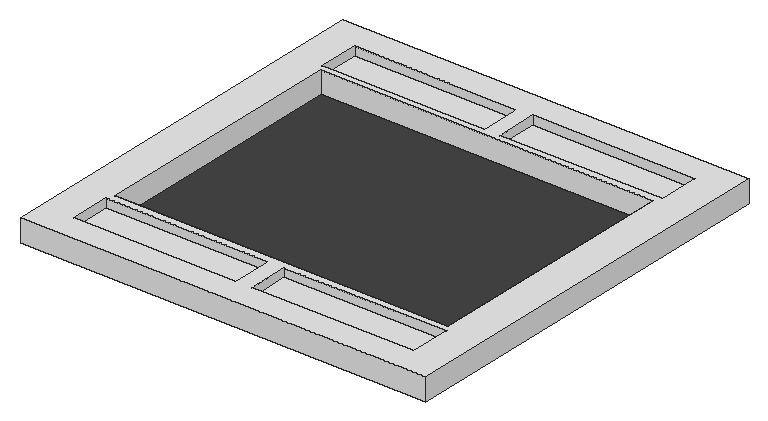
Revit family "Data_Device-Work_Area-Leviton-MOS-Wallplate", category Data Devices, host Face, Revit 2025
Family settings
  Host = Face
  Round Connector Dimension = Use Diameter
  Part Type = Normal
  OmniClass Number = 23.85.50.21
  OmniClass Title = Cable Transmission and Reception Equipment
  Cut with Voids When Loaded = No
  Maintain Annotation Orientation = Yes
  Shared = Yes
  Room Calculation Point = No
Parameters (values of type "Dual Gang")
  z Width = if(z Leviton Type = 1, 1.86000", 3.75000")  # 3.75000"
  z White [instance] = Leviton Color = z Set Color White  # yes
  z Void Offset Single Gang [instance] = if(and(z Is Single Gang, Has ID Windows), 2.25000", 9.00000")  # 9.00000"
  z Void Offset Dual Gang 2 [instance] = if(z Leviton Type = 11, 0.15000", 0.25000")  # 0.25000"
  z Void Offset Dual Gang 1 [instance] = if(and(z Is Dual Gang, Has ID Windows), 2.25000", 6.00000")  # 2.25000"
  z Set Color White [instance] = Color Selection : White
  z Set Color Light Almond [instance] = Color Selection : Light Almond
  z Set Color Ivory [instance] = Color Selection : Ivory
  z Set Color Grey [instance] = Color Selection : Grey
  z Set Color Black [instance] = Color Selection : Black
  z Light Almond [instance] = Leviton Color = z Set Color Light Almond  # no
  z Leviton Wallplate Color [instance] = if(and(z White, not(z Light Almond), not(z Ivory), not(z Grey), not(z Black)), 1, if(and(not(z White), z Light Almond, not(z Ivory), not(z Grey), not(z Black)), 2, if(and(not(z White), not(z Light Almond), z Ivory, not(z Grey), not(z Black)), 3, if(and(not(z White), not(z Light Almond), not(z Ivory), z Grey, not(z Black)), 4, if(and(not(z White), not(z Light Almond), not(z Ivory), not(z Grey), z Black), 5, 0)))))  # 1
  z Leviton Type = 2
  z Ivory [instance] = Leviton Color = z Set Color Ivory  # no
  z Is Single Gang = not(z Is Dual Gang)  # no
  z Is Dual Gang = yes
  z Height = 2.90000"  # constant formula
  z Grey [instance] = Leviton Color = z Set Color Grey  # no
  z Distance = if(z Collapse, 0.00000", 6.00000")  # 0.00000"
  z Depth = 0.25000"  # constant formula
  z Collapse = yes
  z Black [instance] = Leviton Color = z Set Color Black  # no
  Width [instance] = if(z Leviton Type = 1, 2.75000", 4.56300")  # 4.56300"
  URL = "http://www.leviton.com/networksolutions"
  Type Comments = ""
  Technical Support Phone Number = "1-800-824-3005"  # constant formula
  Serial Number [instance] = ""
  Quantity per Package = 0
  Provide Feedback = "http://www.leviton.com/BIMfeedback"
  Product Documentation Link = "http://www.leviton.com/OA_HTML/SectionDisplay.jsp?section=39376&minisite=10251"
  Port Count [instance] = 0
  Part Number [instance] = if(and(z Leviton Wallplate Color = 1, z Leviton Type = 1), "41290-SMW", if(and(z Leviton Wallplate Color = 2, z Leviton Type = 1), "41290-SMT", if(and(z Leviton Wallplate Color = 3, z Leviton Type = 1), "41290-SMI", if(and(z Leviton Wallplate Color = 4, z Leviton Type = 1), "41290-SMG", if(and(z Leviton Wallplate Color = 5, z Leviton Type = 1), "41290-SME", if(and(z Leviton Wallplate Color = 1, z Leviton Type = 2), "41290-DMW", if(and(z Leviton Wallplate Color = 2, z Leviton Type = 2), "41290-DMT", if(and(z Leviton Wallplate Color = 3, z Leviton Type = 2), "41290-DMI", if(and(z Leviton Wallplate Color = 4, z Leviton Type = 2), "41290-DMG", if(and(z Leviton Wallplate Color = 5, z Leviton Type = 2), "41290-DME", "ERROR"))))))))))  # "41290-DMW"
  Part Description = Description  # "MOS Wallplate, Dual Gang"
  Original Creation Date = "March 15, 2013"  # constant formula
  Model Disclaimer = "http://www.leviton.com/BIMterms"
  Model = " "
  Minimum Order Quantity = 0
  Manufacturer = "Leviton"  # constant formula
  Leviton Color [instance] = Color Selection : White
  Height [instance] = 4.53000"  # constant formula
  Has ID Windows [instance] = or(z Leviton Type = 1, z Leviton Type = 2)  # yes
  Family Version = "1.0.3"  # constant formula
  Equipment Type = ""
  Equipment Abbreviation = "MOS"  # constant formula
  Description = "MOS Wallplate, Dual Gang"
  Default Elevation = 18.00000"
  Date Last Modified = "March 3, 2014"  # constant formula
  Copyright = "Copyright © 2013 Leviton Manufacturing Co., Inc."  # constant formula
  Check for Latest Version = "http://www.leviton.com/OA_HTML/SectionDisplay.jsp?section=42915&minisite=10251"
  Channel Count [instance] = 0
  Assembly Code = "D5030600"
  Annotation Symbol is Visible = yes
  Annotation Symbol [instance] = Symbol : Data
Types (2): name | z Width | z Void Offset Single Gang | z Void Offset Dual Gang 1 | z Leviton Type | z Is Single Gang | z Is Dual Gang | Width | Part Number | Part Description | Description
  Single Gang | 1.86000" | 2.25000" | 6.00000" | 1 | yes | no | 2.75000" | "41290-SMW" | "MOS Wallplate, Single Gang" | "MOS Wallplate, Single Gang"
  Dual Gang | 3.75000" | 9.00000" | 2.25000" | 2 | no | yes | 4.56300" | "41290-DMW" | "MOS Wallplate, Dual Gang" | "MOS Wallplate, Dual Gang"
Reference planes (in)
  plane 1 "Center (Front/Back)": y = 0.3225
  plane 2 "Mounting Surface": z = 0
  plane 3 "Center (Left/Right)": x = -0.9065
  plane 4 "Front": z = 0.25
  plane 5: y = -1.9425
  plane 6 "Left": x = -3.188
  plane 7 "Right": x = 1.375
  plane 8: y = 2.5875
  plane 9: y = -1.9425
  plane 10: y = -1.9425
  plane 11: y = -1.9425
  plane 12: y = -1.9425
  plane 13: y = 2.5875
  plane 14: y = 2.5875
  plane 15: y = 2.5875
  plane 16 "Top": y = 2.5875
  plane 17 "Bottom": y = -1.9425
  plane 18: x = -2.7815
  plane 19: x = 0.9685
  plane 20 "Single Gang": z = 7
  plane 21 "2": z = 0
  plane 22: y = 1.7725
  plane 23 "Recess": z = 0.1
  plane 24 "Void Collector": z = -2
  plane 25 "Angled Feature Left Side": x = -1.564
  plane 26: x = -0.249
  plane 27: y = -1.1275
  plane 28: x = -2.821
  plane 29: x = 1.008
  plane 30: x = -0.991
  plane 31: x = -0.822
  plane 32 "Dual Gang": z = 0.25
Forms (in)
  Extrusion 1, solid, not visible, detail levels fine
    sketch origin (0, 0, 0) x (1, 0, 0) y (0, 1, 0)
      loop
        line (-5.103, 3.3225) -> (-5.103, -2.6775) -> (3.29, -2.6775) -> (3.29, 3.3225) -> (-5.103, 3.3225)
    from 0 to -2
  Extrusion 2, solid, material "Plastic - Leviton - White", visible <- "z White"
    sketch origin (0, 33, 0) x (1, 0, 0) y (0, 1, 0)
      loop
        line (-3.188, -30.4125) -> (-3.188, -34.9425) -> (1.375, -34.9425) -> (1.375, -30.4125) -> (-3.188, -30.4125)
    from 0 to 0.25
  Extrusion 3, solid, material "Plastic - Leviton - Light Almond", visible <- "z Light Almond"
    sketch origin (0, 25.5, 0) x (1, 0, 0) y (0, 1, 0)
      loop
        line (-3.188, -22.9125) -> (-3.188, -27.4425) -> (1.375, -27.4425) -> (1.375, -22.9125) -> (-3.188, -22.9125)
    from 0 to 0.25
  Extrusion 4, solid, material "Plastic - Leviton - Ivory", visible <- "z Ivory"
    sketch origin (0, 18.75, 0) x (1, 0, 0) y (0, 1, 0)
      loop
        line (-3.188, -16.1625) -> (-3.188, -20.6925) -> (1.375, -20.6925) -> (1.375, -16.1625) -> (-3.188, -16.1625)
    from 0 to 0.25
  Extrusion 5, solid, material "Plastic - Leviton - Grey", visible <- "z Grey"
    sketch origin (0, 11.75, 0) x (1, 0, 0) y (0, 1, 0)
      loop
        line (-3.188, -9.1625) -> (-3.188, -13.6925) -> (1.375, -13.6925) -> (1.375, -9.1625) -> (-3.188, -9.1625)
    from 0 to 0.25
  Extrusion 6, solid, material "Plastic - Leviton - Black", visible <- "z Black"
    sketch origin (0, 3, 0) x (1, 0, 0) y (0, 1, 0)
      loop
        line (-3.188, -0.4125) -> (-3.188, -4.9425) -> (1.375, -4.9425) -> (1.375, -0.4125) -> (-3.188, -0.4125)
    from 0 to 0.25
  Extrusion 7, void
    sketch origin (0, 0, 0) x (-1, 0, 0) y (0, -1, 0)
      loop
        line (2.7815, -1.7725) -> (2.7815, 1.1275) -> (-0.9685, 1.1275) -> (-0.9685, -1.7725) -> (2.7815, -1.7725)
    from 0 to 0.25
  Extrusion 8, void
    sketch origin (1.10031, -0.12477, 0.25) x (-1, 0, 0) y (0, -1, 0)
      loop
        line (2.92181, -2.42227) -> (2.92181, -1.96227) -> (1.09181, -1.96227) -> (1.09181, -2.42227) -> (2.92181, -2.42227)
      loop
        line (2.92181, 1.52773) -> (1.09181, 1.52773) -> (1.09181, 1.06773) -> (2.92181, 1.06773) -> (2.92181, 1.52773)
    from 6.65 to 6.75
  Extrusion 9, solid, material "Mask - Leviton - Black"
    sketch origin (0, 0, 0) x (1, 0, 0) y (0, 1, 0)
      loop
        line (-3.178, 2.5875) -> (-3.178, -1.9325) -> (1.365, -1.9325) -> (1.365, 2.5875) -> (-3.178, 2.5875)
    from 0 to 0.01
  Extrusion 10, void
    sketch origin (2.10031, -0.12477, 0.25) x (-1, 0, 0) y (0, -1, 0)
      loop
        line (2.92231, -2.42227) -> (2.92231, -1.96227) -> (1.09231, -1.96227) -> (1.09231, -2.42227) -> (2.92231, -2.42227)
      loop
        line (4.92131, -2.42227) -> (4.92131, -1.96227) -> (3.09131, -1.96227) -> (3.09131, -2.42227) -> (4.92131, -2.42227)
      loop
        line (2.92231, 1.06773) -> (2.92231, 1.52773) -> (1.09231, 1.52773) -> (1.09231, 1.06773) -> (2.92231, 1.06773)
      loop
        line (4.92131, 1.06773) -> (4.92131, 1.52773) -> (3.09131, 1.52773) -> (3.09131, 1.06773) -> (4.92131, 1.06773)
    from -0.1 to 0
  Extrusion 11, solid, material "Snap Locations - Leviton - Invisible"
    sketch origin (0, 0, 0) x (1, 0, 0) y (0, 1, 0)
      loop
        line (-2.7815, 1.7725) -> (-2.7815, -1.1275) -> (0.9685, -1.1275) -> (0.9685, 1.7725) -> (-2.7815, 1.7725)
    from 0 to 0.25
Cuts and joins
  Extrusion 7, Extrusion 8, Extrusion 10 cuts Extrusion 6
  Extrusion 7, Extrusion 8, Extrusion 10 cuts Extrusion 5
  Extrusion 7, Extrusion 8, Extrusion 10 cuts Extrusion 4
  Extrusion 7, Extrusion 8, Extrusion 10 cuts Extrusion 3
  Extrusion 7, Extrusion 8, Extrusion 10 cuts Extrusion 2
Lines and regions (in)
  Masking region 1, detail levels coarse+medium
    outline origin (1.375, 0, 0) x (0, -1, 0) y (0, 0, 1)
      loop
        line (-2.5875, 0.25) -> (-2.5875, 0) -> (1.9425, 0) -> (1.9425, 0.25) -> (-2.5875, 0.25)
  Masking region 2, detail levels coarse+medium
    outline origin (-3.188, 0, 0) x (0, -1, 0) y (0, 0, 1)
      loop
        line (1.9425, 0) -> (1.9425, 0.25) -> (-2.5875, 0.25) -> (-2.5875, 0) -> (1.9425, 0)
  Masking region 3
    outline origin (0, 2.5875, 0) x (-1, 0, 0) y (0, 0, 1)
      loop
        line (3.188, 0) -> (3.188, 0.25) -> (-1.375, 0.25) -> (-1.375, 0) -> (3.188, 0)
  Masking region 4
    outline origin (1.375, 0, 0) x (0, -1, 0) y (0, 0, 1)
      loop
        line (1.9425, 0.25) -> (-2.5875, 0.25) -> (-2.5875, 0) -> (1.9425, 0) -> (1.9425, 0.25)
  Masking region 5
    outline origin (0, -1.9425, 0) x (-1, 0, 0) y (0, 0, 1)
      loop
        line (-1.375, 0.25) -> (-1.375, 0) -> (3.188, 0) -> (3.188, 0.25) -> (-1.375, 0.25)
  symbolic lines, style "Wallplates"
    curve 1: line (1.375, -1.9425, 0.25) -> (1.375, 2.5875, 0.25)
    curve 2: line (1.375, -1.9425, 0) -> (1.375, -1.9425, 0.25)
    curve 3: line (1.375, 2.5875, 0) -> (1.375, -1.9425, 0)
    curve 4: line (1.375, 2.5875, 0.25) -> (1.375, 2.5875, 0)
    curve 5: line (-3.188, 2.5875, 0.25) -> (-3.188, -1.9425, 0.25)
    curve 6: line (-3.188, 2.5875, 0) -> (-3.188, 2.5875, 0.25)
    curve 7: line (-3.188, -1.9425, 0) -> (-3.188, 2.5875, 0)
    curve 8: line (-3.188, -1.9425, 0.25) -> (-3.188, -1.9425, 0)
    curve 9: line (-3.188, 2.5875, 0.25) -> (1.375, 2.5875, 0.25)
    curve 10: line (-3.188, 2.5875, 0) -> (-3.188, 2.5875, 0.25)
    curve 11: line (1.375, 2.5875, 0) -> (-3.188, 2.5875, 0)
    curve 12: line (1.375, 2.5875, 0.25) -> (1.375, 2.5875, 0)
    curve 13: line (1.375, -1.9425, 0.25) -> (-3.188, -1.9425, 0.25)
    curve 14: line (1.375, -1.9425, 0) -> (1.375, -1.9425, 0.25)
    curve 15: line (-3.188, -1.9425, 0) -> (1.375, -1.9425, 0)
    curve 16: line (-3.188, -1.9425, 0.25) -> (-3.188, -1.9425, 0)
  reference lines
    curve 17: line (-2.7815, -0.64417, 0.25) -> (0.9685, -0.64417, 0.25)
    curve 19: line (-2.7815, 0.56417, 0.25) -> (0.9685, 0.56417, 0.25)
    curve 21: line (-2.7815, 1.28917, 0.25) -> (0.9685, 1.28917, 0.25)
    curve 22: line (-2.7815, 0.08083, 0.25) -> (0.9685, 0.08083, 0.25)
    curve 23: line (-2.7815, 0.3225, 0.25) -> (0.9685, 0.3225, 0.25)
    curve 24: line (-2.7815, -0.4025, 0.25) -> (0.9685, -0.4025, 0.25)
    curve 25: line (-2.7815, 1.0475, 0.25) -> (0.9685, 1.0475, 0.25)
    curve 26: line (-2.7815, 1.53083, 0.25) -> (0.9685, 1.53083, 0.25)
    curve 27: line (-2.7815, -0.88583, 0.25) -> (0.9685, -0.88583, 0.25)
  reference lines, not visible
    curve 18: line (-2.7815, -0.16083, 0.25) -> (0.9685, -0.16083, 0.25)
    curve 20: line (-2.7815, 0.80583, 0.25) -> (0.9685, 0.80583, 0.25)
  reference lines, visible <- "z Is Dual Gang"
    curve 28: line (-1.844, 1.7725, 0.25) -> (-1.844, -1.1275, 0.25)
    curve 29: line (0.031, -1.1275, 0.25) -> (0.031, 1.7725, 0.25)
  reference lines, visible <- "z Is Single Gang"
    curve 30: line (-0.9065, 1.7725, 0.25) -> (-0.9065, -1.1275, 0.25)
Dimensions and locks (in)
  "z Depth": plane 4 "Front" to plane 2 "Mounting Surface"
  equal spacing: plane 8, plane 1 "Center (Front/Back)", plane 5  (x2)
  "Height": plane 8 to plane 5
  "z Distance": plane 5 to plane 9
  "z Distance": plane 9 to plane 10
  "z Distance": plane 10 to plane 11
  "z Distance": plane 11 to plane 12
  "Height": plane 13 to plane 9
  "Height": plane 14 to plane 10
  "Height": plane 15 to plane 11
  "Height": plane 16 "Top" to plane 12
  "z Distance": plane 17 "Bottom" to plane 5
  "Width": plane 6 "Left" to plane 7 "Right"
  equal spacing: plane 6 "Left", plane 3 "Center (Left/Right)", plane 7 "Right"
  equal spacing: plane 18, plane 3 "Center (Left/Right)", plane 19
  "z Width": plane 18 to plane 19
  locked: plane 4 "Front" to plane 23 "Recess" at 0.15
  locked: level to plane 24 "Void Collector" at 2
  locked: plane 21 "2" to plane 24 "Void Collector" at 2
  "z Void Offset Single Gang": plane 20 "Single Gang" to plane 24 "Void Collector"
  Extrusion 8 sketch curve to Extrusion 8 sketch curve = 0.46000"
  Extrusion 8 sketch curve to Extrusion 8 sketch curve = 1.83000"
  equal spacing: Extrusion 8 sketch curve, plane 3 "Center (Left/Right)", Extrusion 8 sketch curve
  Extrusion 8 sketch curve to plane 1 "Center (Front/Back)" to Extrusion 8 sketch curve = 1.51500", 1.51500"
  Extrusion 8 sketch curve to plane 1 "Center (Front/Back)" to Extrusion 8 sketch curve = 1.97500", 1.97500"
  plane 1 "Center (Front/Back)" to Extrusion 8 sketch curve = 1.97500"
  locked: plane 20 "Single Gang" to Extrusion 8 at 0.1
  Extrusion 9 to level = 0.01000"
  locked: plane 17 "Bottom" to Extrusion 9 at 0.01
  locked: plane 6 "Left" to Extrusion 9 at 0.01
  locked: Extrusion 9 to plane 7 "Right" at 0.01
  locked: Extrusion 9 to level at 0.01
  equal spacing: plane 25 "Angled Feature Left Side", plane 3 "Center (Left/Right)", plane 26
  equal spacing: plane 27, plane 1 "Center (Front/Back)", plane 22
  "z Height": plane 27 to plane 22
  Extrusion 10 sketch curve to Extrusion 10 sketch curve = 0.46000"
  Extrusion 10 sketch curve to Extrusion 10 sketch curve = 1.83000"  (x4)
  equal spacing: plane 30, plane 3 "Center (Left/Right)", plane 31
  equal spacing: plane 28, plane 3 "Center (Left/Right)", plane 29
  plane 30 to plane 31 = 0.16900"
  plane 28 to plane 30 = 1.83000"
  "z Void Offset Dual Gang 1": plane 32 "Dual Gang" to plane 24 "Void Collector"
  locked: plane 32 "Dual Gang" to Extrusion 10 at 0.1
  equal spacing: plane 22, curve 26, curve 21, curve 25, curve 20, curve 19, curve 23, curve 22, curve 18, curve 24, curve 17, curve 27, plane 27
  equal spacing: plane 18, curve 28, plane 3 "Center (Left/Right)"
  equal spacing: plane 3 "Center (Left/Right)", curve 29, plane 19
  aligned and locked: Extrusion 1 to plane 2 "Mounting Surface"
  aligned and locked: Extrusion 1 to level
  aligned and locked: Extrusion 2 to plane 5
  aligned and locked: Extrusion 2 to plane 6 "Left"
  aligned and locked: Extrusion 2 to plane 7 "Right"
  aligned and locked: plane 8 to Extrusion 2
  aligned and locked: Extrusion 2 to level
  aligned and locked: plane 4 "Front" to Extrusion 2
  aligned and locked: Extrusion 3 to plane 9
  aligned and locked: Extrusion 4 to plane 10
  aligned and locked: plane 15 to Extrusion 5
  aligned and locked: Extrusion 5 to plane 11
  aligned and locked: plane 14 to Extrusion 4
  aligned and locked: plane 13 to Extrusion 3
  aligned and locked: Extrusion 6 to plane 12
  aligned and locked: plane 16 "Top" to Extrusion 6
  aligned and locked: Extrusion 3 to plane 6 "Left"
  aligned and locked: Extrusion 4 to plane 6 "Left"
  aligned and locked: Extrusion 5 to plane 6 "Left"
  aligned and locked: Extrusion 6 to plane 6 "Left"
  aligned and locked: Extrusion 3 to plane 7 "Right"
  aligned and locked: Extrusion 4 to plane 7 "Right"
  aligned and locked: Extrusion 5 to plane 7 "Right"
  aligned and locked: Extrusion 6 to plane 7 "Right"
  aligned and locked: plane 18 to Extrusion 7 sketch curve
  aligned and locked: Extrusion 7 sketch curve to plane 19
  aligned and locked: plane 5 to Masking region 1 sketch curve
  aligned and locked: Masking region 1 sketch curve to plane 8
  aligned and locked: Masking region 1 sketch curve to plane 4 "Front"
  aligned and locked: level to Masking region 1 sketch curve
  aligned and locked: Extrusion 8 to Extrusion 8  (x2)
  aligned: Extrusion 8 to plane 20 "Single Gang"
  aligned and locked: plane 20 "Single Gang" to Extrusion 8
  aligned: plane 23 "Recess" to Extrusion 9
  aligned and locked: Extrusion 9 to level
  aligned: Extrusion 9 to plane 17 "Bottom"
  aligned: plane 6 "Left" to Extrusion 9
  aligned: Extrusion 9 to plane 7 "Right"
  aligned and locked: Masking region 2 sketch curve to Masking region 1  (x4)
  aligned and locked: Extrusion 9 to plane 16 "Top"
  aligned and locked: Extrusion 7 to plane 22
  aligned and locked: Extrusion 7 to plane 27
  aligned and locked: plane 4 "Front" to Extrusion 7
  aligned and locked: Extrusion 7 to level
  aligned: Extrusion 10 to Extrusion 10  (x2)
  aligned and locked: Extrusion 10 sketch curve to plane 30
  aligned and locked: plane 31 to Extrusion 10 sketch curve
  aligned and locked: Extrusion 8 to plane 20 "Single Gang"
  aligned and locked: plane 32 "Dual Gang" to Extrusion 10
  aligned and locked: plane 22 to Extrusion 11 sketch curve
  aligned and locked: plane 27 to Extrusion 11 sketch curve
  aligned and locked: Extrusion 11 sketch curve to plane 19
  aligned and locked: plane 18 to Extrusion 11 sketch curve
  aligned and locked: Extrusion 11 to level
  aligned and locked: plane 4 "Front" to Extrusion 11
  aligned and locked: plane 17 "Bottom" to curve 2
  aligned and locked: curve 4 to plane 16 "Top"
  aligned and locked: level to curve 3
  aligned and locked: level to Masking region 4 sketch curve
  aligned and locked: plane 17 "Bottom" to Masking region 4 sketch curve
  aligned and locked: Masking region 4 sketch curve to plane 16 "Top"
  aligned and locked: level to curve 7
  aligned and locked: curve 6 to plane 16 "Top"
  aligned and locked: plane 17 "Bottom" to curve 8
  aligned and locked: level to curve 11
  aligned and locked: plane 7 "Right" to curve 12
  aligned and locked: curve 10 to plane 6 "Left"
  aligned and locked: Masking region 5 sketch curve to level
  aligned and locked: plane 7 "Right" to Masking region 5 sketch curve
  aligned and locked: Masking region 5 sketch curve to plane 6 "Left"
  aligned and locked: curve 15 to level
  aligned and locked: plane 7 "Right" to curve 14
  aligned and locked: curve 16 to plane 6 "Left"
  aligned and locked: curve 1 to plane 4 "Front"
  aligned and locked: plane 4 "Front" to curve 5
  aligned and locked: plane 4 "Front" to curve 13
  aligned and locked: curve 9 to plane 4 "Front"
  aligned and locked: plane 4 "Front" to Masking region 5 sketch curve
  aligned and locked: Masking region 4 sketch curve to plane 4 "Front"
  aligned and locked: plane 18 to curve 17
  aligned and locked: plane 19 to curve 17
  aligned and locked: curve 23 to cut or joined group of Extrusion 6, Extrusion 7, Extrusion 8, Extrusion 10  (x2)
  aligned and locked: plane 18 to curve 24
  aligned and locked: plane 19 to curve 24
  aligned and locked: plane 18 to curve 25
  aligned and locked: plane 19 to curve 25
  aligned and locked: plane 18 to curve 26
  aligned and locked: plane 19 to curve 26
  aligned and locked: plane 18 to curve 27
  aligned and locked: plane 19 to curve 27
  aligned and locked: plane 18 to curve 21
  aligned and locked: plane 18 to curve 20
  aligned and locked: plane 18 to curve 19
  aligned and locked: plane 18 to curve 22
  aligned and locked: plane 18 to curve 18
  aligned and locked: plane 19 to curve 21
  aligned and locked: plane 19 to curve 20
  aligned and locked: plane 19 to curve 19
  aligned and locked: plane 19 to curve 22
  aligned and locked: plane 19 to curve 18
  aligned and locked: plane 22 to curve 28
  aligned and locked: plane 27 to curve 28
  aligned and locked: plane 27 to curve 29
  aligned and locked: plane 22 to curve 29
  aligned and locked: curve 30 to cut or joined group of Extrusion 6, Extrusion 7, Extrusion 8, Extrusion 10  (x2)
Automatic sketch dimensions
  Extrusion 1 sketch curve to Extrusion 1 sketch curve = 8.39300"
  Extrusion 1 sketch curve to Extrusion 1 sketch curve = 6.00000"
  Extrusion 2 sketch curve to plane 5 = 0.00000"
  Extrusion 2 sketch curve to plane 6 "Left" = 0.00000"
  Extrusion 2 sketch curve to plane 7 "Right" = 0.00000"
  Extrusion 2 sketch curve to plane 8 = 0.00000"
  Extrusion 3 sketch curve to plane 5 = 0.00000"
  Extrusion 3 sketch curve to plane 6 "Left" = 0.00000"
  Extrusion 3 sketch curve to plane 7 "Right" = 0.00000"
  Extrusion 3 sketch curve to plane 8 = 0.00000"
  Extrusion 4 sketch curve to plane 5 = 0.00000"
  Extrusion 4 sketch curve to plane 6 "Left" = 0.00000"
  Extrusion 4 sketch curve to plane 7 "Right" = 0.00000"
  Extrusion 4 sketch curve to plane 8 = 0.00000"
  Extrusion 5 sketch curve to plane 5 = 0.00000"
  Extrusion 5 sketch curve to plane 6 "Left" = 0.00000"
  Extrusion 5 sketch curve to plane 7 "Right" = 0.00000"
  Extrusion 5 sketch curve to plane 8 = 0.00000"
  Extrusion 6 sketch curve to plane 5 = 0.00000"
  Extrusion 6 sketch curve to plane 6 "Left" = 0.00000"
  Extrusion 6 sketch curve to plane 7 "Right" = 0.00000"
  Extrusion 6 sketch curve to plane 8 = 0.00000"
  plane 22 to Extrusion 7 sketch curve = 0.00000"
  Extrusion 7 sketch curve to plane 27 = 0.00000"
  plane 26 to Extrusion 8 sketch curve = 0.25750"
  Extrusion 8 sketch curve to plane 25 "Angled Feature Left Side" = 0.25750"
  Extrusion 9 sketch curve to plane 8 = 0.00000"
  Extrusion 9 sketch curve to plane 6 "Left" = 0.01000"
  plane 7 "Right" to Extrusion 9 sketch curve = 0.01000"
  plane 5 to Extrusion 9 sketch curve = 0.01000"
  Masking region 3 sketch curve to level = 0.00000"
  plane 7 "Right" to Masking region 3 sketch curve = 0.00000"
  Masking region 3 sketch curve to plane 4 "Front" = 0.00000"
  plane 6 "Left" to Masking region 3 sketch curve = 0.00000"
  Extrusion 10 sketch curve to plane 29 = 0.00000"
  Extrusion 10 sketch curve to plane 31 = 0.00000"
  Extrusion 10 sketch curve to plane 30 = 0.00000"
  Extrusion 10 sketch curve to plane 28 = 0.00000"
  Extrusion 10 sketch curve to plane 8 = 0.29000"
  Extrusion 10 sketch curve to Extrusion 10 sketch curve = 0.00000"
  Extrusion 10 sketch curve to plane 22 = 0.06500"  (x2)
  Extrusion 10 sketch curve to plane 27 = 0.06500"  (x2)
  plane 5 to Extrusion 10 sketch curve = 0.29000"  (x2)
  curve 23 to plane 19 = 0.00000"
  curve 30 to plane 3 "Center (Left/Right)" = 0.00000"
  curve 23 to plane 18 = 0.00000"
  plane 22 to curve 30 = 0.00000"
  curve 30 to plane 27 = 0.00000"
Nested families (in)
  nested 1: "Symbol" at (-0.9065, 0.35649, 0), type <- "Annotation Symbol", visible <- "Annotation Symbol is Visible", type "Data"
Definition of nested family "Symbol"
  Parameters
    Tel Data = no
    Phone = no
    Data = yes
  Reference planes (in)
    plane 1: y = 0
    plane 2: x = 0
  Lines and regions (in)
    Filled region 1, type "Solid Black", visible <- "Tel Data"
      outline origin (0, 0, 0) x (1, 0, 0) y (0, 1, 0)
        loop
          line (0, 0) -> (0.0654, 0.11328) -> (0, 0.11328) -> (0, 0)
    Filled region 2, type "Solid Black", visible <- "Phone"
      outline origin (0, 0, 0) x (1, 0, 0) y (0, 1, 0)
        loop
          line (0, 0) -> (0.0654, 0.11328) -> (-0.0654, 0.11328) -> (0, 0)
    Filled region 3, type "White", visible <- "Data"
      outline origin (0, 0, 0) x (1, 0, 0) y (0, 1, 0)
        loop
          line (0, 0) -> (0.0654, 0.11328) -> (-0.0654, 0.11328) -> (0, 0)
    Filled region 4, type "White", visible <- "Tel Data"
      outline origin (0, 0, 0) x (1, 0, 0) y (0, 1, 0)
        loop
          line (0, 0.11328) -> (-0.0654, 0.11328) -> (0, 0) -> (0, 0.11328)
